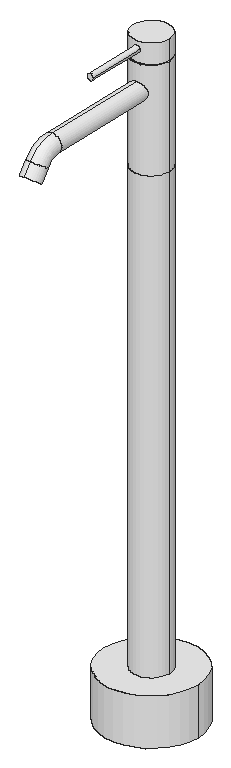
Revit family "LIANO II - FREESTANDING BATH FILLER", category Plumbing Fixtures, host Face, Revit 2019
Family settings
  Host = Face
  Round Connector Dimension = Use Diameter
  Part Type = Normal
  OmniClass Number = 23.45.55.14
  OmniClass Title = Single Faucets
  Cut with Voids When Loaded = No
  Shared = No
  Room Calculation Point = No
Parameters (values of type "LIANO II - FREESTANDING BATH FILLER - Chrome")
  Waste Connection = no
  Vent Connection = no
  URL = "https://www.caroma.com.au/"
  StemHeight = if(Overall_Height < 800 mm, 636 mm, if(Overall_Height > 850 mm, 686 mm, Overall_Height - 164 mm))  # 686 mm
  Overall_Height = 850 mm
  Model = "96378C"
  Material_Base = GWA_Metal-Chrome
  Manufacturer = "GWA Bathrooms & Kitchens"  # constant formula
  HW Connection = yes
  Description = "LIANO II - FREESTANDING BATH FILLER - Chrome"
  Default Elevation = 0 mm
  CreatedBy_ANZRS = "GWA Bathrooms & Kitchens"  # constant formula
  CW Connection = yes
  Assembly Code = "C1030220"
Types (6, lengths in mm): name | Model | Material_Base | Description
  (no name) | "96378C" | GWA_Metal-Chrome | "LIANO II - FREESTANDING BATH FILLER - Chrome"
  LIANO II - FREESTANDING BATH FILLER - Chrome | "96378C" | GWA_Metal-Chrome | "LIANO II - FREESTANDING BATH FILLER - Chrome"
  LIANO II - FREESTANDING BATH FILLER - Matte Black | "96378B" | GWA-Metal-Black | "LIANO II - FREESTANDING BATH FILLER - Matte Black"
  LIANO II - FREESTANDING BATH FILLER - Brass | "96378BB" | GWA_Metal-Brushed-Brass | "LIANO II - FREESTANDING BATH FILLER - Brass"
  LIANO II - FREESTANDING BATH FILLER - Gunmetal | "96378GM" | GWA-Metal-Gunmetal Grey | "LIANO II - FREESTANDING BATH FILLER - Gunmetal"
  LIANO II - FREESTANDING BATH FILLER - Brushed Nickel | "96378BN" | GWA_Metal-Brushed-Nickel | "LIANO II - FREESTANDING BATH FILLER - Brushed Nickel"
Reference planes
  plane 1 "Center (Front/Back)": y = 0
  plane 2: z = 0
  plane 3 "Center (Left/Right)": x = 0
  plane 4 "FillerStem": z = 686
Forms (mm)
  Extrusion 1, solid, material "GWA_Metal-Chrome" <- "Material_Base"
    sketch origin (0, 0, 0) x (1, 0, 0) y (0, 1, 0)
      loop
        circle (0, 0) r 65
    from 0 to 65
  Extrusion 2, solid, material "GWA_Metal-Chrome" <- "Material_Base"
    sketch origin (0, 0, 0) x (1, 0, 0) y (0, 1, 0)
      loop
        circle (0, 0) r 25
    from 65 to 686
  Extrusion 3, solid, material "GWA_Metal-Chrome" <- "Material_Base"
    sketch origin (0, 0, 686) x (-1, 0, 0) y (0, -1, 0)
      loop
        circle (0, 0) r 25
    from 0 to 136
  Extrusion 4, solid, material "GWA_Metal-Chrome" <- "Material_Base"
    sketch origin (0, 0, 686) x (-1, 0, 0) y (0, -1, 0)
      loop
        circle (0, 0) r 25
    from 138 to 164
  Revolve 5, solid, material "GWA_Metal-Chrome" <- "Material_Base"
    sketch origin (0, 0, 0) x (1, 0, 0) y (0, 0, 1)
      loop
        line (0, 822) -> (22.361, 822)
        arc (22.361, 822) -> (12.247, 829.386) -> (0, 832) r 30
        line (0, 832) -> (0, 822)
      axis (0, 832) -> (0, 822)
    angle from 0 to 360
  Extrusion 6, solid, material "GWA_Metal-Chrome" <- "Material_Base"
    sketch origin (0, 0, 0) x (1, 0, 0) y (0, 0, 1)
      loop
        circle (0, 840) r 4
    from 0 to 105
  Sweep 7, solid, material "GWA_Metal-Chrome" <- "Material_Base"
    path origin (0, 0, 0) x (0, 1, 0) y (0, 0, 1)
      loop
        line (0, 787) -> (-170.821, 787)
        arc (-170.821, 787) -> (-186.059, 783.271) -> (-197.853, 772.928) r 33
        line (-197.853, 772.928) -> (-207.96, 758.494)
    profile origin (0, -85.411, 787) x (0, 0, -1) y (1, 0, 0)
      loop
        circle (0, 0) r 12.5
Cuts and joins
  joined: Extrusion 4, Extrusion 6
  joined: Extrusion 3, Sweep 7
Lines and regions (mm)
  Masking region 1
    outline origin (0, 0, 0) x (0, 1, 0) y (0, 0, 1)
      loop
        line (65, 65) -> (25, 65) -> (25, 686) -> (25, 822) -> (22.361, 822)
        arc (22.361, 822) -> (21.402, 823.023) -> (20.396, 824) r 30
        line (20.396, 824) -> (25, 824) -> (25, 850) -> (-25, 850) -> (-25, 844) -> (-105, 844) -> (-105, 836) -> (-25, 836) -> (-25, 824) -> (-20.396, 824)
        arc (-20.396, 824) -> (-21.402, 823.023) -> (-22.361, 822) r 30
        line (-22.361, 822) -> (-25, 822) -> (-25, 799.5) -> (-170.821, 799.5)
        arc (-170.821, 799.5) -> (-191.831, 794.359) -> (-208.093, 780.098) r 45.5
        line (-208.093, 780.098) -> (-218.2, 765.663) -> (-197.721, 751.324) -> (-187.614, 765.758)
        arc (-187.614, 765.758) -> (-180.287, 772.184) -> (-170.821, 774.5) r 20.5
        line (-170.821, 774.5) -> (-25, 774.5) -> (-25, 686) -> (-25, 65) -> (-65, 65) -> (-65, 0) -> (65, 0) -> (65, 65)
  Masking region 2
    outline origin (0, 0, 0) x (1, 0, 0) y (0, 0, 1)
      loop
        line (-65, 65) -> (-65, 0) -> (65, 0) -> (65, 65) -> (25, 65) -> (25, 686) -> (25, 822) -> (22.361, 822)
        arc (22.361, 822) -> (21.402, 823.023) -> (20.396, 824) r 30
        line (20.396, 824) -> (25, 824) -> (25, 850) -> (-25, 850) -> (-25, 824) -> (-20.396, 824)
        arc (-20.396, 824) -> (-21.402, 823.023) -> (-22.361, 822) r 30
        line (-22.361, 822) -> (-25, 822) -> (-25, 686) -> (-25, 65) -> (-65, 65)
  Masking region 3
    outline origin (0, 0, 686) x (-1, 0, 0) y (0, -1, 0)
      loop
        line (-12.5, 207.96) -> (-12.5, 63.787)
        arc (-12.5, 63.787) -> (0, -65) -> (12.5, 63.787) r 65
        line (12.5, 63.787) -> (12.5, 207.96)
        spline (12.5, 207.96) -> (12.393, 209.297) -> (12.074, 210.611) -> (11.548, 211.879) -> (10.825, 213.08) -> (9.917, 214.194) -> (8.839, 215.201) -> (7.61, 216.084) -> (6.25, 216.828) -> (4.784, 217.42) -> (3.235, 217.851) -> (1.632, 218.112) -> (0, 218.2)
        spline (0, 218.2) -> (-1.632, 218.112) -> (-3.235, 217.851) -> (-4.784, 217.42) -> (-6.25, 216.828) -> (-7.61, 216.084) -> (-8.839, 215.201) -> (-9.917, 214.194) -> (-10.825, 213.08) -> (-11.548, 211.879) -> (-12.074, 210.611) -> (-12.393, 209.297) -> (-12.5, 207.96)
  symbolic lines
    curve 1: line (0, -25, 686) -> (0, 25, 686)
    curve 2: line (0, 25, 686) -> (0, 25, 822)
    curve 3: line (0, -25, 822) -> (0, -25, 799.5)
    curve 4: arc (0, -25, 799.5) -> (0, -21.651, 787) -> (0, -25, 774.5) r 25
    curve 5: line (0, -25, 774.5) -> (0, -25, 686)
    curve 6: line (0, 25, 824) -> (0, 25, 850)
    curve 7: line (0, 25, 850) -> (0, -25, 850)
    curve 8: line (0, -25, 850) -> (0, -25, 844)
    curve 9: arc (0, -25, 844) -> (0, -24.678, 840) -> (0, -25, 836) r 25
    curve 10: line (0, -25, 836) -> (0, -25, 824)
    curve 11: line (0, -25, 844) -> (0, -105, 844)
    curve 12: line (0, -105, 844) -> (0, -105, 836)
    curve 13: line (0, -105, 836) -> (0, -25, 836)
    curve 14: line (0, -218.2, 765.663) -> (0, -197.721, 751.324)
    curve 15: line (0, -197.721, 751.324) -> (0, -187.614, 765.758)
    curve 16: line (0, -218.2, 765.663) -> (0, -208.093, 780.098)
    curve 17: line (0, -25, 799.5) -> (0, -170.821, 799.5)
    curve 18: line (0, -25, 774.5) -> (0, -170.821, 774.5)
    curve 19: arc (0, -208.093, 780.098) -> (0, -191.831, 794.359) -> (0, -170.821, 799.5) r 45.5
    curve 20: arc (0, -187.614, 765.758) -> (0, -180.287, 772.184) -> (0, -170.821, 774.5) r 20.5
    curve 21: line (0, -25, 686) -> (0, -25, 65)
    curve 22: line (0, 25, 65) -> (0, 25, 686)
    curve 23: line (0, -65, 65) -> (0, 65, 65)
    curve 24: line (0, -65, 0) -> (0, -65, 65)
    curve 25: line (0, 65, 0) -> (0, -65, 0)
    curve 26: line (0, 65, 65) -> (0, 65, 0)
    curve 27: line (0, 22.361, 822) -> (0, -22.361, 822)
    curve 28: arc (0, 22.361, 822) -> (0, 21.402, 823.023) -> (0, 20.396, 824) r 30
    curve 29: line (0, 20.396, 824) -> (0, -20.396, 824)
    curve 30: arc (0, -20.396, 824) -> (0, -21.402, 823.023) -> (0, -22.361, 822) r 30
    curve 31: line (0, -20.396, 824) -> (0, -25, 824)
    curve 32: line (0, -25, 822) -> (0, -22.361, 822)
    curve 33: line (0, 22.361, 822) -> (0, 25, 822)
    curve 34: line (0, 25, 824) -> (0, 20.396, 824)
    curve 35: line (-25, 0, 822) -> (-22.361, 0, 822)
    curve 36: line (-25, 0, 686) -> (-25, 0, 822)
    curve 37: line (25, 0, 686) -> (-25, 0, 686)
    curve 38: line (25, 0, 822) -> (25, 0, 686)
    curve 39: line (-25, 0, 850) -> (25, 0, 850)
    curve 40: line (-25, 0, 824) -> (-25, 0, 850)
    curve 41: line (25, 0, 824) -> (20.396, 0, 824)
    curve 42: line (25, 0, 850) -> (25, 0, 824)
    curve 43: arc (0, 0, 799.5) -> (8.839, 0, 795.839) -> (12.5, 0, 787) r 12.5
    curve 44: spline (0, 0, 751.324) -> (3.235, 0, 751.568) -> (6.25, 0, 752.284) -> (8.839, 0, 753.424) -> (10.825, 0, 754.909) -> (12.074, 0, 756.638) -> (12.5, 0, 758.494) -> (12.074, 0, 760.349) -> (10.825, 0, 762.078) -> (8.839, 0, 763.563) -> (6.25, 0, 764.703) -> (3.235, 0, 765.419) -> (0, 0, 765.663)
    curve 45: spline (0, 0, 765.663) -> (-3.235, 0, 765.419) -> (-6.25, 0, 764.703) -> (-8.839, 0, 763.563) -> (-10.825, 0, 762.078) -> (-12.074, 0, 760.349) -> (-12.5, 0, 758.494) -> (-12.074, 0, 756.638) -> (-10.825, 0, 754.909) -> (-8.839, 0, 753.424) -> (-6.25, 0, 752.284) -> (-3.235, 0, 751.568) -> (0, 0, 751.324)
    curve 46: arc (-12.5, 0, 787) -> (-8.839, 0, 795.839) -> (0, 0, 799.5) r 12.5
    curve 47: line (-12.5, 0, 787) -> (-12.5, 0, 758.494)
    curve 48: line (12.5, 0, 787) -> (12.5, 0, 758.494)
    curve 49: line (-25, 0, 686) -> (-25, 0, 65)
    curve 50: line (25, 0, 65) -> (25, 0, 686)
    curve 51: line (-65, 0, 65) -> (65, 0, 65)
    curve 52: line (-65, 0, 0) -> (-65, 0, 65)
    curve 53: line (65, 0, 0) -> (-65, 0, 0)
    curve 54: line (65, 0, 65) -> (65, 0, 0)
    curve 55: circle (0, 0, 840) r 4 normal (0, -1, 0)
    curve 56: arc (-20.396, 0, 824) -> (-21.402, 0, 823.023) -> (-22.361, 0, 822) r 30
    curve 57: line (-20.396, 0, 824) -> (-25, 0, 824)
    curve 58: line (-22.361, 0, 822) -> (22.361, 0, 822)
    curve 59: line (20.396, 0, 824) -> (-20.396, 0, 824)
    curve 60: line (22.361, 0, 822) -> (25, 0, 822)
    curve 61: arc (20.396, 0, 824) -> (21.402, 0, 823.023) -> (22.361, 0, 822) r 30
    curve 62: arc (12.5, -63.787, 686) -> (0, 65, 686) -> (-12.5, -63.787, 686) r 65
    curve 63: spline (12.5, -207.96, 686) -> (12.393, -209.297, 686) -> (12.074, -210.611, 686) -> (11.548, -211.879, 686) -> (10.825, -213.08, 686) -> (9.917, -214.194, 686) -> (8.839, -215.201, 686) -> (7.61, -216.084, 686) -> (6.25, -216.828, 686) -> (4.784, -217.42, 686) -> (3.235, -217.851, 686) -> (1.632, -218.112, 686) -> (0, -218.2, 686)
    curve 64: spline (0, -218.2, 686) -> (-1.632, -218.112, 686) -> (-3.235, -217.851, 686) -> (-4.784, -217.42, 686) -> (-6.25, -216.828, 686) -> (-7.61, -216.084, 686) -> (-8.839, -215.201, 686) -> (-9.917, -214.194, 686) -> (-10.825, -213.08, 686) -> (-11.548, -211.879, 686) -> (-12.074, -210.611, 686) -> (-12.393, -209.297, 686) -> (-12.5, -207.96, 686)
    curve 65: line (-4, -105, 686) -> (-4, -24.678, 686)
    curve 66: line (-4, -105, 686) -> (4, -105, 686)
    curve 67: line (4, -105, 686) -> (4, -24.678, 686)
    curve 68: line (-12.5, -207.96, 686) -> (-12.5, -21.651, 686)
    curve 69: line (12.5, -207.96, 686) -> (12.5, -21.651, 686)
    curve 70: circle (0, 0, 686) r 25 normal (0, 0, 1)
Dimensions and locks
  "StemHeight": plane 4 "FillerStem" to level
  aligned and locked: plane 2 to host face
  aligned and locked: level to host face
  aligned and locked: plane 4 "FillerStem" to Extrusion 2
Automatic sketch dimensions
  host sketch curve to host sketch curve = 2438.4 mm  (x2)
  plane 1 "Center (Front/Back)" to Extrusion 1 sketch curve = 0 mm
  Extrusion 1 sketch curve to plane 3 "Center (Left/Right)" = 0 mm
  plane 1 "Center (Front/Back)" to Extrusion 2 sketch curve = 0 mm
  Extrusion 2 sketch curve to plane 3 "Center (Left/Right)" = 0 mm
  plane 1 "Center (Front/Back)" to Extrusion 3 sketch curve = 0 mm
  Extrusion 3 sketch curve to plane 3 "Center (Left/Right)" = 0 mm
  plane 1 "Center (Front/Back)" to Extrusion 4 sketch curve = 0 mm
  Extrusion 4 sketch curve to plane 3 "Center (Left/Right)" = 0 mm
  curve 19 to curve 20 = 0 mm  (x2)
  curve 28 to curve 30 = 0 mm  (x2)
  curve 25 to level = 0 mm
  curve 5 to plane 4 "FillerStem" = 0 mm
  curve 30 to plane 1 "Center (Front/Back)" = 0 mm
  plane 1 "Center (Front/Back)" to curve 31 = 20.396 mm
  curve 27 to curve 29 = 1.965 mm
  plane 1 "Center (Front/Back)" to curve 21 = 25 mm
  curve 11 to curve 29 = 4.604 mm
  curve 32 to curve 27 = 2.639 mm
  curve 31 to curve 3 = 0 mm
  curve 4 to curve 5 = 21.651 mm
  curve 9 to curve 9 = 24.678 mm
  curve 23 to curve 21 = 40 mm
  curve 11 to curve 9 = 55.322 mm
  curve 18 to curve 12 = 65.821 mm
  plane 4 "FillerStem" to curve 15 = 79.758 mm
  curve 15 to curve 18 = 16.793 mm
  plane 4 "FillerStem" to curve 14 = 65.324 mm
  curve 14 to curve 15 = 10.107 mm
  plane 4 "FillerStem" to curve 16 = 94.098 mm
  curve 16 to curve 15 = 20.479 mm
  curve 29 to plane 1 "Center (Front/Back)" = 20.396 mm
  curve 27 to curve 2 = 2.639 mm
  curve 34 to curve 2 = 0 mm
  curve 22 to curve 26 = 40 mm
  level to curve 26 = 65 mm
  curve 20 to curve 15 = 11.758 mm
  curve 4 to curve 30 = 2.5 mm
  curve 3 to curve 32 = 22.5 mm
  curve 19 to curve 13 = 36.5 mm
  curve 9 to curve 9 = 4 mm
  curve 8 to curve 7 = 6 mm
  curve 43 to curve 46 = 0 mm
  curve 56 to curve 61 = 0 mm  (x2)
  curve 52 to level = 0 mm
  curve 37 to plane 4 "FillerStem" = 0 mm
  curve 44 to plane 3 "Center (Left/Right)" = 0 mm
  curve 46 to plane 3 "Center (Left/Right)" = 0 mm
  curve 56 to plane 3 "Center (Left/Right)" = 0 mm
  curve 55 to plane 3 "Center (Left/Right)" = 0 mm
  curve 47 to curve 43 = 12.5 mm
  curve 57 to plane 3 "Center (Left/Right)" = 20.396 mm
  curve 40 to plane 3 "Center (Left/Right)" = 25 mm
  curve 51 to curve 49 = 40 mm
  plane 3 "Center (Left/Right)" to curve 58 = 22.361 mm
  curve 41 to curve 58 = 1.965 mm
  curve 61 to curve 42 = 2.639 mm
  curve 50 to curve 54 = 40 mm
  curve 52 to curve 52 = 65 mm
  plane 4 "FillerStem" to curve 46 = 101 mm
  curve 43 to curve 56 = 2.5 mm
  curve 56 to curve 58 = 20 mm
  curve 57 to curve 55 = 16 mm
  curve 40 to curve 39 = 26 mm
  curve 44 to curve 43 = 35.676 mm
  curve 44 to curve 44 = 7.17 mm
  curve 48 to curve 44 = 0 mm
  curve 47 to curve 44 = 0 mm
  Revolve 5 sketch curve to plane 3 "Center (Left/Right)" = 0 mm  (x2)
  plane 3 "Center (Left/Right)" to Revolve 5 sketch curve = 22.361 mm
  plane 4 "FillerStem" to Revolve 5 sketch curve = 116 mm
  Revolve 5 sketch curve to Revolve 5 sketch curve = 20 mm
  Revolve 5 sketch curve to Revolve 5 sketch curve = 6.88 mm
  Revolve 5 sketch curve to Revolve 5 sketch curve = 0 mm
  Extrusion 6 sketch curve to plane 3 "Center (Left/Right)" = 0 mm
  plane 4 "FillerStem" to Extrusion 6 sketch curve = 154 mm
  Sweep 7 sketch curve to plane 1 "Center (Front/Back)" = 0 mm
  plane 4 "FillerStem" to Sweep 7 sketch curve = 101 mm
  plane 1 "Center (Front/Back)" to Sweep 7 sketch curve = 170.821 mm
  plane 4 "FillerStem" to Sweep 7 sketch curve = 86.928 mm
  Sweep 7 sketch curve to Sweep 7 sketch curve = 27.032 mm
  plane 4 "FillerStem" to Sweep 7 sketch curve = 72.494 mm
  Sweep 7 sketch curve to Sweep 7 sketch curve = 10.107 mm
  Sweep 7 sketch curve to plane 3 "Center (Left/Right)" = 0 mm
  Sweep 7 sketch curve to profile plane = 0 mm
  Masking region 1 sketch curve to Masking region 1 sketch curve = 0 mm  (x5)
  Masking region 1 sketch curve to level = 0 mm
  Masking region 1 sketch curve to plane 4 "FillerStem" = 0 mm  (x2)
  Masking region 1 sketch curve to plane 1 "Center (Front/Back)" = 0 mm
  plane 1 "Center (Front/Back)" to Masking region 1 sketch curve = 20.396 mm
  Masking region 1 sketch curve to Masking region 1 sketch curve = 1.965 mm  (x2)
  Masking region 1 sketch curve to Masking region 1 sketch curve = 2.639 mm  (x2)
  plane 1 "Center (Front/Back)" to Masking region 1 sketch curve = 25 mm
  plane 1 "Center (Front/Back)" to Masking region 1 sketch curve = 65 mm
  Masking region 1 sketch curve to Masking region 1 sketch curve = 80 mm
  Masking region 1 sketch curve to Masking region 1 sketch curve = 65.821 mm
  plane 4 "FillerStem" to Masking region 1 sketch curve = 79.758 mm
  Masking region 1 sketch curve to Masking region 1 sketch curve = 16.793 mm
  plane 4 "FillerStem" to Masking region 1 sketch curve = 65.324 mm
  Masking region 1 sketch curve to Masking region 1 sketch curve = 10.107 mm
  plane 4 "FillerStem" to Masking region 1 sketch curve = 94.098 mm
  Masking region 1 sketch curve to Masking region 1 sketch curve = 20.479 mm
  Masking region 1 sketch curve to plane 1 "Center (Front/Back)" = 20.396 mm
  Masking region 1 sketch curve to plane 1 "Center (Front/Back)" = 25 mm  (x2)
  Masking region 1 sketch curve to plane 1 "Center (Front/Back)" = 65 mm
  level to Masking region 1 sketch curve = 65 mm  (x2)
  Masking region 1 sketch curve to Masking region 1 sketch curve = 11.758 mm
  Masking region 1 sketch curve to Masking region 1 sketch curve = 2.5 mm
  Masking region 1 sketch curve to Masking region 1 sketch curve = 20 mm
  Masking region 1 sketch curve to Masking region 1 sketch curve = 22.5 mm
  Masking region 1 sketch curve to Masking region 1 sketch curve = 12 mm
  Masking region 1 sketch curve to Masking region 1 sketch curve = 8 mm
  Masking region 1 sketch curve to Masking region 1 sketch curve = 6 mm
  curve 35 to curve 35 = 2.639 mm
  curve 42 to curve 38 = 0 mm
  Masking region 2 sketch curve to level = 0 mm
  Masking region 2 sketch curve to plane 3 "Center (Left/Right)" = 65 mm
  plane 3 "Center (Left/Right)" to Masking region 2 sketch curve = 65 mm
  Masking region 2 sketch curve to Masking region 2 sketch curve = 65 mm
  Masking region 2 sketch curve to plane 4 "FillerStem" = 0 mm  (x2)
  Masking region 2 sketch curve to plane 3 "Center (Left/Right)" = 25 mm
  plane 4 "FillerStem" to Masking region 2 sketch curve = 136 mm
  Masking region 2 sketch curve to Masking region 2 sketch curve = 0 mm  (x6)
  Masking region 2 sketch curve to Masking region 2 sketch curve = 2.639 mm  (x2)
  Masking region 2 sketch curve to plane 3 "Center (Left/Right)" = 0 mm
  Masking region 2 sketch curve to Masking region 2 sketch curve = 20 mm
  Masking region 2 sketch curve to Masking region 2 sketch curve = 1.965 mm  (x2)
  Masking region 2 sketch curve to Masking region 2 sketch curve = 26 mm
  Masking region 2 sketch curve to Masking region 2 sketch curve = 2 mm
  curve 62 to curve 70 = 0 mm  (x2)
  curve 64 to plane 3 "Center (Left/Right)" = 0 mm
  plane 1 "Center (Front/Back)" to curve 70 = 0 mm
  curve 70 to plane 3 "Center (Left/Right)" = 0 mm
  plane 3 "Center (Left/Right)" to curve 67 = 4 mm
  curve 65 to plane 3 "Center (Left/Right)" = 4 mm
  plane 1 "Center (Front/Back)" to curve 67 = 105 mm
  curve 65 to curve 68 = 8.5 mm
  plane 1 "Center (Front/Back)" to curve 68 = 21.651 mm
  curve 68 to curve 67 = 3.027 mm
  curve 67 to curve 65 = 0 mm
  curve 69 to curve 62 = 42.136 mm
  curve 66 to curve 64 = 102.96 mm
  curve 68 to curve 63 = 0 mm
  curve 64 to curve 63 = 0 mm
  curve 63 to curve 63 = 10.239 mm
  plane 1 "Center (Front/Back)" to Masking region 3 sketch curve = 0 mm
  Masking region 3 sketch curve to plane 3 "Center (Left/Right)" = 0 mm
  plane 3 "Center (Left/Right)" to Masking region 3 sketch curve = 12.5 mm
  Masking region 3 sketch curve to Masking region 3 sketch curve = 0 mm  (x3)
  plane 1 "Center (Front/Back)" to Masking region 3 sketch curve = 63.787 mm
  Masking region 3 sketch curve to Masking region 3 sketch curve = 144.174 mm
  Masking region 3 sketch curve to Masking region 3 sketch curve = 10.239 mm
  radius of Extrusion 1 sketch curve = 65 mm
  radius of Extrusion 2 sketch curve = 25 mm
  radius of Extrusion 3 sketch curve = 25 mm
  radius of Extrusion 4 sketch curve = 25 mm
  radius of curve 55 = 4 mm
  radius of Extrusion 6 sketch curve = 4 mm
  radius of Sweep 7 sketch curve = 12.5 mm
Connectors
  piping at (10, 0, 0), diameter 20
    settings: index 1, connector inside diameter 609.6 mm, connector length 0 mm, flow factor 0, pipe flow 0.0 L/s, pressure drop 0.0 Pa, fitting loss kfactor 0, connector angle 0.00°, fixture units 0, engagement length 0 mm, angle of deflection 0.00°, flow configuration 3, flow direction 1, fitting loss method 0, system type 20, joint type 0, gender type 0, connector reference index -1, connector utility 0, adjustable connector no, is connector primary yes, connector description ""
  piping at (-10, 0, 0), diameter 20
    settings: index 2, connector inside diameter 609.6 mm, connector length 0 mm, flow factor 0, pipe flow 0.0 L/s, pressure drop 0.0 Pa, fitting loss kfactor 0, connector angle 0.00°, fixture units 0, engagement length 0 mm, angle of deflection 0.00°, flow configuration 3, flow direction 1, fitting loss method 0, system type 19, joint type 0, gender type 0, connector reference index -1, connector utility 0, adjustable connector no, is connector primary no, connector description ""
